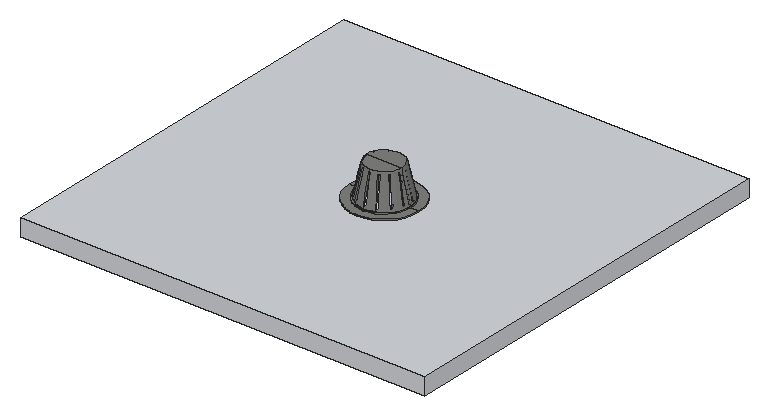
Revit family
Parameters (values of type "10"")
  URL = "WWW.MIFAB.COM"
  Roof Drain = Roof Drain
  Pipe Radius = 5.000"
  Pipe Diameter = Pipe Radius * 2  # 10.000"
  Model = "R1260"
  Manufacturer = "MIFAB"
  H3 = Body Height / 3.375  # 1.62963"
  H2 = Body Height / 1.99  # 2.76382"
  H1 = Body Height / 1.53  # 3.59477"
  Description = "EXTRA LARGE SUMP, HIGH FLOW ROOF DRAIN"
  Default Elevation = 48.000"
  Body Height = 5.500"
Types (3): name | Pipe Radius | Pipe Diameter
  (no name) | 5.000" | 10.000"
  12" | 6.000" | 12.000"
  10" | 5.000" | 10.000"
Reference planes (in)
  plane 1 "Center (Front/Back)": y = 0
  plane 2: z = 0
  plane 3 "Center (Left/Right)": x = 0
  plane 4: x = 5.2
  plane 5: x = 5.25
  plane 6: x = 5.5
  plane 7: x = 6
  plane 8: x = 8.3
  plane 9: x = 5
  plane 10: z = -5.5
  plane 11: z = -3.5
  plane 12: z = -2.76382
  plane 13: z = -0.2
  plane 14: z = 0.2085
  plane 15: z = -1.62963
  plane 16: x = 4.2
  plane 17: z = 8
  plane 18: x = 6
  plane 19: x = -0.25
  plane 20: x = 0.25
  plane 21: z = 7.5
  plane 22: z = 0.7085
Forms (in)
  Extrusion 1, solid
    sketch origin (0, 0, 0) x (1, 0, 0) y (0, 1, 0)
      loop
        line (-48, 48) -> (-48, -48) -> (48, -48) -> (48, 48) -> (-48, 48)
    from 0 to -4
  Revolve 2, solid, material "Roof Drain" <- "Roof Drain"
    sketch origin (0, 0, 0) x (1, 0, 0) y (0, 0, 1)
      loop
        line (5.2, -5.5) -> (5.2, -3.5) -> (5.25, -3.5) -> (5.5, -0.2) -> (6, -0.2) -> (6, 0) -> (8.3, 0) -> (8.3, 0.2085) -> (5.31791, 0.2085) -> (5.05211, -3.3) -> (5, -3.3) -> (5, -5.5) -> (5.2, -5.5)
      axis (0, 0.2085) -> (0, -5.5)
    angle from 0 to 360
  Revolve 3, solid, material "Roof Drain" <- "Roof Drain"
    sketch origin (0, 0, 0) x (1, 0, 0) y (0, 0, 1)
      loop
        line (0, 8) -> (0, 7.8) -> (4.04094, 7.8) -> (5.79473, 0.2085) -> (6.29473, 0.2085) -> (6.29473, 0.4085) -> (5.9538, 0.4085) -> (4.2, 8) -> (0, 8)
      axis (0, 0.2085) -> (0, 8)
    angle from 0 to 360
  Extrusion 4, void
    sketch origin (0, 0.02362, 0) x (1, 0, 0) y (0, 0, 1)
      loop
        line (-0.25, 7.5) -> (-0.25, 0.7085) -> (0.25, 0.7085) -> (0.25, 7.5) -> (-0.25, 7.5)
    from -6.55459 to 6.62296
  Extrusion 5, void
    sketch origin (-0.04519, 0.00186, 0) x (0.62349, 0.781831, 0) y (0, 0, 1)
      loop
        line (-0.25, 7.5) -> (-0.25, 0.7085) -> (0.25, 0.7085) -> (0.25, 7.5) -> (-0.25, 7.5)
    from -6.55459 to 6.62296
  Extrusion 6, void
    sketch origin (-0.05635, -0.02132, 0) x (0.222521, 0.974928, 0) y (0, 0, 1)
      loop
        line (-0.25, 7.5) -> (-0.25, 0.7085) -> (0.25, 0.7085) -> (0.25, 7.5) -> (-0.25, 7.5)
    from -6.55459 to 6.62296
  Extrusion 7, void
    sketch origin (-0.05635, -0.04704, 0) x (-0.222521, 0.974928, 0) y (0, 0, 1)
      loop
        line (-0.25, 7.5) -> (-0.25, 0.7085) -> (0.25, 0.7085) -> (0.25, 7.5) -> (-0.25, 7.5)
    from -6.55459 to 6.62296
  Extrusion 8, void
    sketch origin (-0.04519, -0.07022, 0) x (-0.62349, 0.781831, 0) y (0, 0, 1)
      loop
        line (-0.25, 7.5) -> (-0.25, 0.7085) -> (0.25, 0.7085) -> (0.25, 7.5) -> (-0.25, 7.5)
    from -6.55459 to 6.62296
  Extrusion 9, void
    sketch origin (-0.02508, -0.08626, 0) x (-0.900969, 0.433884, 0) y (0, 0, 1)
      loop
        line (-0.25, 7.5) -> (-0.25, 0.7085) -> (0.25, 0.7085) -> (0.25, 7.5) -> (-0.25, 7.5)
    from -6.55459 to 6.62296
  Extrusion 10, void
    sketch origin (0.02508, -0.08626, 0) x (-0.900969, -0.433884, 0) y (0, 0, 1)
      loop
        line (-0.25, 7.5) -> (-0.25, 0.7085) -> (0.25, 0.7085) -> (0.25, 7.5) -> (-0.25, 7.5)
    from -6.55459 to 6.62296
Cuts and joins
  Extrusion 4, Extrusion 5, Extrusion 6, Extrusion 7, Extrusion 8, Extrusion 9, Extrusion 10 cuts Revolve 3
Dimensions and locks (in)
  "Pipe Radius": plane 9 to plane 3 "Center (Left/Right)"
  locked: plane 4 to plane 9 at 0.2
  plane 8 to plane 3 "Center (Left/Right)" = 8.300"
  "Body Height": level to plane 10
  level to plane 13 = 0.200"
  "H3": level to plane 15
  "H2": Extrusion 1 to plane 12
  locked: plane 16 to plane 3 "Center (Left/Right)" at 4.2
  locked: plane 17 to level at 8
  locked: plane 18 to plane 3 "Center (Left/Right)" at 6
  locked: plane 17 to Revolve 3 sketch curve at 0.2
  locked: Revolve 3 sketch curve to Revolve 3 sketch curve at 0.2
  locked: Revolve 2 sketch curve to Revolve 2 sketch curve at 0.2
  locked: Revolve 2 sketch curve to Revolve 2 sketch curve at 0.21243
  plane 17 to plane 21 = 0.500"
  locked: plane 22 to plane 14 at 0.5
  plane 7 to plane 6 to plane 5 = 0.500" locked, 0.250" locked
  locked: plane 5 to plane 9 at 0.25
  Revolve 3 sketch curve to Revolve 3 sketch curve to plane 3 "Center (Left/Right)" = 0.34094" locked, 5.9538" locked
  locked: plane 11 to plane 10 at 2
  aligned and locked: plane 2 to Extrusion 1
  aligned and locked: level to Extrusion 1
  aligned and locked: Revolve 2 sketch curve to plane 10
  aligned and locked: Revolve 2 sketch curve to plane 4
  aligned and locked: Revolve 2 sketch curve to plane 13
  aligned and locked: Revolve 2 sketch curve to plane 7
  aligned and locked: Extrusion 1 to Revolve 2 sketch curve
  aligned and locked: Revolve 2 sketch curve to plane 8
  aligned and locked: Revolve 2 sketch curve to plane 14
  aligned and locked: Revolve 2 sketch curve to plane 3 "Center (Left/Right)"
  aligned and locked: plane 9 to Revolve 2 sketch curve
  aligned and locked: Revolve 2 sketch curve to plane 11
  aligned and locked: plane 3 "Center (Left/Right)" to Revolve 3 sketch curve  (x2)
  aligned and locked: Revolve 3 sketch curve to plane 17
  aligned and locked: plane 16 to Revolve 3 sketch curve
  aligned and locked: Revolve 3 sketch curve to plane 14
Automatic sketch dimensions
  Extrusion 1 sketch curve to Extrusion 1 sketch curve = 96.000"  (x2)
  Revolve 2 sketch curve to plane 5 = 0.000"
  Revolve 2 sketch curve to plane 6 = 0.000"
  plane 10 to Revolve 2 sketch curve = 5.000"
  Revolve 2 sketch curve to Revolve 2 sketch curve = 11.000"
  Revolve 3 sketch curve to Revolve 3 sketch curve = 5.000"
  Revolve 3 sketch curve to Revolve 3 sketch curve = 1.750"
  Revolve 3 sketch curve to Revolve 3 sketch curve = 0.15906"
  Extrusion 4 sketch curve to Extrusion 4 sketch curve = 0.500"
  Extrusion 4 sketch curve to Extrusion 4 sketch curve = 6.7915"
  Extrusion 5 sketch curve to Extrusion 5 sketch curve = 0.500"
  Extrusion 5 sketch curve to Extrusion 5 sketch curve = 6.7915"
  Extrusion 6 sketch curve to Extrusion 6 sketch curve = 0.500"
  Extrusion 6 sketch curve to Extrusion 6 sketch curve = 6.7915"
  Extrusion 7 sketch curve to Extrusion 7 sketch curve = 0.500"
  Extrusion 7 sketch curve to Extrusion 7 sketch curve = 6.7915"
  Extrusion 8 sketch curve to Extrusion 8 sketch curve = 0.500"
  Extrusion 8 sketch curve to Extrusion 8 sketch curve = 6.7915"
  Extrusion 9 sketch curve to Extrusion 9 sketch curve = 0.500"
  Extrusion 9 sketch curve to Extrusion 9 sketch curve = 6.7915"
  Extrusion 10 sketch curve to Extrusion 10 sketch curve = 0.500"
  Extrusion 10 sketch curve to Extrusion 10 sketch curve = 6.7915"
Connectors (in)
  piping at (0, 0, -5.5), driven by "Pipe Radius"
    settings: on Revolve 2, index 1, connector radius 5", flow factor 0, pipe flow 0 GPM, pressure drop 0.00 psi, fitting loss kfactor 0, connector angle 0.00°, fixture units 0, flow configuration 0, flow direction 2, fitting loss method 0, system type 16, connector reference index -1, connector utility 0, adjustable connector no, is connector primary yes, fitting loss table "", connector description ""
